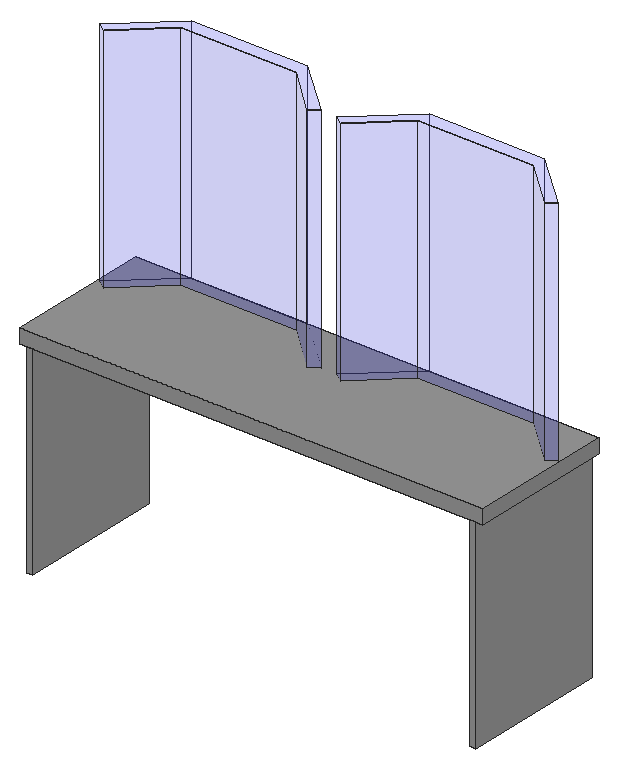
Revit family "АВЛН_Стол", category Мебель, Revit 2019
Family settings
  Номер OmniClass = 23.40.20.00
  Заголовок OmniClass = General Furniture and Specialties
  На основе рабочей плоскости = Нет
  Всегда вертикально = Да
  При загрузке вырезать с полостями = Нет
  Общий = Нет
  Точка расчета площади = Нет
Parameters (values of type "Стол гримерный")
  Стол гримерный = yes
  Стол 6 местный = no
  Стол 4хместный = no
  Описание = "Стол гримерный, 1600х500х1550мм (стол 750мм)\r\nс освещением: 220В; 60Втх2х2шт."
  Type Comments = ""
  Keynote = ""
  Изготовитель = "\"АртМебель\"\r\nг.Москва"
  Группа модели = "Артистрические"
  ADSK_Размер_Ширина = 500 mm
  ADSK_Размер_Длина = 1600 mm
  ADSK_Размер_Высота = 1550 mm
  ADSK_Обозначение = "01/02"
  ADSK_Масса = 0
  ADSK_Код изделия = ""
  ADSK_Единица измерения = "шт"  # constant formula
Types (5, lengths in mm): name | Стол гримерный | Стол 6 местный | Стол 4хместный | Описание | Изготовитель | Группа модели | ADSK_Размер_Ширина | ADSK_Размер_Длина | ADSK_Размер_Высота | ADSK_Обозначение
  (no name) | yes | no | no | "Стол гримерный, 1600х500х1550мм (стол 750мм)\r\nс освещением: 220В; 60Втх2х2шт." | "\"АртМебель\"\r\nг.Москва" | "Артистрические" | 500 | 1600 | 1550 | "01/02"
  Стол гримерный | yes | no | no | "Стол гримерный, 1600х500х1550мм (стол 750мм)\r\nс освещением: 220В; 60Втх2х2шт." | "\"АртМебель\"\r\nг.Москва" | "Артистрические" | 500 | 1600 | 1550 | "01/02"
  Стол обеднный 6-местный | no | yes | no | "Стол обеденный 6-местный с кронштейнами + 6\r\nстульев\r\nгаб. 1500х600х730мм" | "Торговая сеть" | "Оборудование Столовой" | 600 | 1500 | 730 | ""
  Стол обеднный 4-местный | no | no | yes | "Стол обеденный 4-местный с кронштейнами + 4\r\nстула\r\nгаб. 1200х600х730мм" | "Торговая сеть" | "Оборудование Столовой" | 600 | 1200 | 730 | ""
  Стол обеденный для ММГН | no | no | no | "Стол обеденный для ММГН 1800х900х700 мм" | "Россия" | "Оборудование Столовой" | 900 | 1800 | 700 | ""
Reference planes
  plane 1 "По центру (Вперед/Назад)": y = 0
  plane 2: z = 0
  plane 3 "По центру (Влево/Вправо)": x = 0
  plane 4: z = 1550
  plane 5: y = 250
  plane 6: x = 800
  plane 7: x = -800
  plane 8: y = -250
  plane 9: y = -550
  plane 10: y = 550
Forms (mm)
  Extrusion 1, solid, material "Деревянная обшивка, ДСП"
    sketch origin (0, -518.993, 735) x (-1, 0, 0) y (0, -1, 0)
      loop
        line (-800, -768.993) -> (800, -768.993) -> (800, -268.993) -> (-800, -268.993) -> (-800, -768.993)
    from -35 to 15
  Extrusion 2, solid, material "Деревянная обшивка, ДСП"
    sketch origin (0, -518.993, 592.976) x (-1, 0, 0) y (0, -1, 0)
      loop
        line (775.228, -768.993) -> (775.228, -268.993) -> (755.228, -268.993) -> (755.228, -768.993) -> (775.228, -768.993)
      loop
        line (-775.228, -768.993) -> (-755.228, -768.993) -> (-755.228, -268.993) -> (-775.228, -268.993) -> (-775.228, -768.993)
    from -592.976 to 107.024
  Extrusion 3, solid, material "Стекло", visible <- "Стол гримерный"
    sketch origin (0, -518.993, 592.976) x (-1, 0, 0) y (0, -1, 0)
      loop
        line (788.85, -598.622) -> (755.228, -575.268) -> (604.66, -718.993) -> (204.66, -718.993) -> (53.928, -577.524) -> (20.47, -598.622) -> (204.66, -768.993) -> (604.66, -768.993) -> (788.85, -598.622)
      loop
        line (-31.15, -598.622) -> (-64.772, -575.268) -> (-215.34, -718.993) -> (-615.34, -718.993) -> (-766.072, -577.524) -> (-799.53, -598.622) -> (-615.34, -768.993) -> (-215.34, -768.993) -> (-31.15, -598.622)
    from 157.024 to 957.024
Lines and regions (mm)
  symbolic lines, visible <- "Стол гримерный"
    curve 1: line (-514.041, 180.899, 592.976) -> (-514.041, 250, 592.976)
    curve 2: line (-495.887, 180.899, 592.976) -> (-495.887, 250, 592.976)
    curve 3: arc (-530.716, 163.076, 592.976) -> (-502.737, 183.446, 592.976) -> (-474.758, 163.076, 592.976) r 29.4
    curve 4: line (-474.758, 163.076, 592.976) -> (-459.341, 102.918, 592.976)
    curve 5: line (-459.341, 102.918, 592.976) -> (-541.351, 102.918, 592.976)
    curve 6: line (-541.351, 102.918, 592.976) -> (-530.716, 163.076, 592.976)
    curve 7: line (-286.459, 180.899, 592.976) -> (-286.459, 250, 592.976)
    curve 8: line (-268.305, 180.899, 592.976) -> (-268.305, 250, 592.976)
    curve 9: arc (-303.134, 163.076, 592.976) -> (-275.155, 183.446, 592.976) -> (-247.177, 163.076, 592.976) r 29.4
    curve 10: line (-247.177, 163.076, 592.976) -> (-231.759, 102.918, 592.976)
    curve 11: line (-231.759, 102.918, 592.976) -> (-313.77, 102.918, 592.976)
    curve 12: line (-313.77, 102.918, 592.976) -> (-303.134, 163.076, 592.976)
    curve 13: line (287.984, 180.899, 592.976) -> (287.984, 250, 592.976)
    curve 14: line (306.138, 180.899, 592.976) -> (306.138, 250, 592.976)
    curve 15: arc (271.309, 163.076, 592.976) -> (299.288, 183.446, 592.976) -> (327.267, 163.076, 592.976) r 29.4
    curve 16: line (327.267, 163.076, 592.976) -> (342.684, 102.918, 592.976)
    curve 17: line (342.684, 102.918, 592.976) -> (260.673, 102.918, 592.976)
    curve 18: line (260.673, 102.918, 592.976) -> (271.309, 163.076, 592.976)
    curve 19: line (512.984, 180.899, 592.976) -> (512.984, 250, 592.976)
    curve 20: line (531.138, 180.899, 592.976) -> (531.138, 250, 592.976)
    curve 21: arc (496.309, 163.076, 592.976) -> (524.288, 183.446, 592.976) -> (552.267, 163.076, 592.976) r 29.4
    curve 22: line (552.267, 163.076, 592.976) -> (567.684, 102.918, 592.976)
    curve 23: line (567.684, 102.918, 592.976) -> (485.673, 102.918, 592.976)
    curve 24: line (485.673, 102.918, 592.976) -> (496.309, 163.076, 592.976)
Dimensions and locks
  plane 2 to plane 4 = 1550 mm
  equal spacing: plane 8, plane 1 "По центру (Вперед/Назад)", plane 5
  equal spacing: plane 7, plane 3 "По центру (Влево/Вправо)", plane 6
  "ADSK_Размер_Длина": plane 7 to plane 6
  "ADSK_Размер_Ширина": plane 5 to plane 8
  "ADSK_Размер_Высота": plane 2 to plane 4
  level to Extrusion 1 to Extrusion 1 = 700 mm locked, 50 mm locked
  plane 7 to Extrusion 2 sketch curve to Extrusion 2 sketch curve = 24.772 mm locked, 20 mm locked
  plane 6 to Extrusion 2 sketch curve to Extrusion 2 sketch curve = 24.772 mm locked, 20 mm locked
  plane 8 to plane 9 = 300 mm
  nested 3 to nested 2 to nested 1 = 450 mm, 450 mm
  locked: plane 10 to plane 5 at 300
  equal spacing: nested 8, plane 3 "По центру (Влево/Вправо)", nested 7, locked at 300 each
  nested 10 to plane 3 "По центру (Влево/Вправо)" to nested 9 = 300 mm locked, 300 mm
  aligned and locked: level to plane 2
  aligned and locked: Extrusion 1 sketch curve to plane 5
  aligned and locked: Extrusion 1 sketch curve to plane 6
  aligned and locked: Extrusion 1 sketch curve to plane 7
  aligned and locked: Extrusion 1 sketch curve to plane 8
  aligned and locked: Extrusion 2 sketch curve to Extrusion 1  (x2)
  aligned and locked: plane 8 to Extrusion 2 sketch curve
  aligned and locked: Extrusion 2 sketch curve to plane 5
  aligned and locked: Extrusion 2 to Extrusion 1
  aligned and locked: Extrusion 2 to level
  aligned and locked: Extrusion 3 to plane 4
  aligned and locked: Extrusion 3 to Extrusion 1
  aligned and locked: nested 1 to plane 9
  aligned and locked: nested 2 to plane 9
  aligned and locked: nested 3 to plane 9
  aligned and locked: nested 2 to plane 3 "По центру (Влево/Вправо)"
  aligned and locked: plane 10 to nested 4  (x2)
  aligned and locked: plane 10 to nested 5  (x2)
  aligned and locked: plane 10 to nested 6  (x2)
  aligned and locked: plane 3 "По центру (Влево/Вправо)" to nested 5
  aligned and locked: nested 7 to plane 9
  aligned and locked: nested 8 to plane 9
  aligned and locked: plane 10 to nested 9
  aligned and locked: plane 10 to nested 10
Automatic sketch dimensions
  plane 5 to Extrusion 3 sketch curve = 0 mm
  Extrusion 3 sketch curve to plane 5 = 0 mm
  Extrusion 3 sketch curve to plane 6 = 0.47 mm
  Extrusion 3 sketch curve to plane 6 = 33.928 mm
  Extrusion 3 sketch curve to plane 6 = 184.66 mm
  Extrusion 3 sketch curve to Extrusion 3 sketch curve = 0 mm  (x5)
  Extrusion 3 sketch curve to plane 5 = 50 mm  (x2)
  plane 3 "По центру (Влево/Вправо)" to Extrusion 3 sketch curve = 215.34 mm
  plane 3 "По центру (Влево/Вправо)" to Extrusion 3 sketch curve = 64.772 mm
  plane 3 "По центру (Влево/Вправо)" to Extrusion 3 sketch curve = 31.15 mm
  Extrusion 3 sketch curve to plane 3 "По центру (Влево/Вправо)" = 20.47 mm
  Extrusion 3 sketch curve to Extrusion 3 sketch curve = 33.458 mm
  Extrusion 3 sketch curve to plane 3 "По центру (Влево/Вправо)" = 204.66 mm
  plane 7 to Extrusion 3 sketch curve = 195.34 mm
  plane 7 to Extrusion 3 sketch curve = 44.772 mm
  plane 7 to Extrusion 3 sketch curve = 11.15 mm
  Extrusion 3 sketch curve to plane 1 "По центру (Вперед/Назад)" = 79.629 mm  (x3)
  Extrusion 3 sketch curve to Extrusion 3 sketch curve = 21.099 mm  (x2)
  Extrusion 3 sketch curve to Extrusion 3 sketch curve = 23.355 mm  (x2)
  plane 5 to curve 20 = 0 mm
  plane 5 to curve 19 = 0 mm
  plane 5 to curve 14 = 0 mm
  curve 13 to plane 5 = 0 mm
  curve 8 to plane 5 = 0 mm
  curve 7 to plane 5 = 0 mm
  curve 2 to plane 5 = 0 mm
  curve 1 to plane 5 = 0 mm
  curve 22 to plane 1 "По центру (Вперед/Назад)" = 102.918 mm
  curve 22 to plane 6 = 232.316 mm
  curve 22 to plane 5 = 86.924 mm
  curve 22 to curve 22 = 15.417 mm
  curve 21 to curve 21 = 27.979 mm
  curve 24 to plane 5 = 86.924 mm
  curve 21 to curve 24 = 10.636 mm
  curve 16 to plane 1 "По центру (Вперед/Назад)" = 102.918 mm
  curve 23 to curve 16 = 142.989 mm
  curve 16 to plane 5 = 86.924 mm
  curve 16 to curve 16 = 15.417 mm
  curve 15 to curve 15 = 27.979 mm
  curve 18 to plane 5 = 86.924 mm
  curve 18 to curve 17 = 10.636 mm
  curve 10 to plane 1 "По центру (Вперед/Назад)" = 102.918 mm
  curve 10 to plane 3 "По центру (Влево/Вправо)" = 231.759 mm
  curve 10 to plane 5 = 86.924 mm
  curve 10 to curve 10 = 15.417 mm
  curve 10 to curve 9 = 27.979 mm
  curve 12 to plane 5 = 86.924 mm
  curve 9 to curve 12 = 10.636 mm
  curve 11 to curve 5 = 145.571 mm
  curve 4 to plane 5 = 86.924 mm
  curve 4 to curve 4 = 15.417 mm
  curve 4 to curve 3 = 27.979 mm
  curve 6 to plane 5 = 86.924 mm
  curve 6 to plane 1 "По центру (Вперед/Назад)" = 102.918 mm
  curve 6 to curve 6 = 10.636 mm
  curve 15 to curve 15 = 9.03 mm
  curve 12 to curve 9 = 9.03 mm
  curve 24 to curve 21 = 9.03 mm
  curve 6 to curve 3 = 9.03 mm
  curve 21 to curve 20 = 21.129 mm
  curve 20 to curve 19 = 18.154 mm
  curve 16 to curve 14 = 21.129 mm
  curve 14 to curve 13 = 18.154 mm
  curve 9 to curve 8 = 21.129 mm
  curve 8 to curve 7 = 18.154 mm
  curve 3 to curve 2 = 21.129 mm
  curve 2 to curve 1 = 18.154 mm
  curve 14 to curve 16 = 17.823 mm
  curve 2 to curve 3 = 17.823 mm
  curve 13 to curve 14 = 0 mm
  curve 20 to curve 21 = 17.823 mm
  curve 19 to curve 20 = 0 mm
  curve 7 to curve 12 = 17.823 mm
  curve 1 to curve 2 = 0 mm
  curve 7 to curve 8 = 0 mm
Nested families
  nested 1: "АВЛН_Стул" at (450, -385, 0) x (0, -1, 0) z (0, 0, 1), visible <- "Стол 6 местный", type "Стул Гр. 3 – 330х290х340мм"
  nested 2: "АВЛН_Стул" at (0, -385, 0) x (0, -1, 0) z (0, 0, 1), visible <- "Стол 6 местный", type "Стул Гр. 3 – 330х290х340мм"
  nested 3: "АВЛН_Стул" at (-450, -385, 0) x (0, -1, 0) z (0, 0, 1), visible <- "Стол 6 местный", type "Стул Гр. 3 – 330х290х340мм"
  nested 4: "АВЛН_Стул" at (450, 385, 0) x (0, 1, 0) z (0, 0, 1), visible <- "Стол 6 местный", type "Стул Гр. 3 – 330х290х340мм"
  nested 5: "АВЛН_Стул" at (0, 385, 0) x (0, 1, 0) z (0, 0, 1), visible <- "Стол 6 местный", type "Стул Гр. 3 – 330х290х340мм"
  nested 6: "АВЛН_Стул" at (-450, 385, 0) x (0, 1, 0) z (0, 0, 1), visible <- "Стол 6 местный", type "Стул Гр. 3 – 330х290х340мм"
  nested 7: "АВЛН_Стул" at (300, -385, 0) x (0, -1, 0) z (0, 0, 1), visible <- "Стол 4хместный", type "Стул Гр. 3 – 330х290х340мм"
  nested 8: "АВЛН_Стул" at (-300, -385, 0) x (0, -1, 0) z (0, 0, 1), visible <- "Стол 4хместный", type "Стул Гр. 3 – 330х290х340мм"
  nested 9: "АВЛН_Стул" at (300, 385, 0) x (0, 1, 0) z (0, 0, 1), visible <- "Стол 4хместный", type "Стул Гр. 3 – 330х290х340мм"
  nested 10: "АВЛН_Стул" at (-300, 385, 0) x (0, 1, 0) z (0, 0, 1), visible <- "Стол 4хместный", type "Стул Гр. 3 – 330х290х340мм"
Definition of nested family "АВЛН_Стул"
  Parameters (values of type "Стул Гр. 2 – 290х270х300мм")
    МГН = no
    М_Сиденье = none
    Description = "Стул ученический с регулируемой (изменяемой)\r\nвысотой\r\nматериал: фанера гнутоклеенная, лакированная\r\nРазмеры сидения (ГхШхВ):\r\nГр. 2 – 290х270х300мм"
    М_Опора = none
    Type Comments = ""
    Keynote = ""
    Manufacturer = "УП «СВ КЛАСС»"
    Model = "Оборудование основных помещений школы"  # constant formula
    ADSK_Размер_Ширина = 270 mm
    ADSK_Размер_Длина = 290 mm
    ADSK_Размер_Высота = 300 mm
    ADSK_Обозначение = "ГОСТ 11016-93"
    ADSK_Масса = 3.1
    ADSK_Код изделия = ""
    ADSK_Единица измерения = "шт"  # constant formula
  Types (6, lengths in mm): name | МГН | Description | Manufacturer | ADSK_Размер_Ширина | ADSK_Размер_Длина | ADSK_Размер_Высота | ADSK_Обозначение | ADSK_Масса
    Стул Гр. 2 – 290х270х300мм | no | "Стул ученический с регулируемой (изменяемой)\r\nвысотой\r\nматериал: фанера гнутоклеенная, лакированная\r\nРазмеры сидения (ГхШхВ):\r\nГр. 2 – 290х270х300мм" | "УП «СВ КЛАСС»" | 270 | 290 | 300 | "ГОСТ 11016-93" | 3.1
    Стул Гр. 3 – 330х290х340мм | no | "Стул ученический с регулируемой (изменяемой)\r\nвысотой\r\nматериал: фанера гнутоклеенная, лакированная\r\nРазмеры сидения (ГхШхВ): Гр. 3 – 330х290х340мм" | "УП «СВ КЛАСС»" | 290 | 330 | 340 | "ГОСТ 11016-93" | 3.1
    Стул Гр. 4 – 330х320х380мм | no | "Стул ученический с регулируемой (изменяемой)\r\nвысотой\r\nматериал: фанера гнутоклеенная, лакированная\r\nРазмеры сидения (ГхШхВ):Гр. 4 – 330х320х380мм" | "УП «СВ КЛАСС»" | 320 | 330 | 380 | "ГОСТ 11016-93" | 3.7
    Стул Гр. 5 – 380х310х420мм | no | "Стул ученический с регулируемой (изменяемой)\r\nвысотой\r\nматериал: фанера гнутоклеенная, лакированная\r\nРазмеры сидения (ГхШхВ):Гр. 5 – 380х310х420мм" | "УП «СВ КЛАСС»" | 310 | 380 | 420 | "ГОСТ 11016-93" | 4.6
    Стул Гр. 6 – 400х360х460мм | no | "Стул ученический с регулируемой (изменяемой)\r\nвысотой\r\nматериал: фанера гнутоклеенная, лакированная\r\nРазмеры сидения (ГхШхВ): Гр. 6 – 400х360х460мм" | "УП «СВ КЛАСС»" | 360 | 400 | 460 | "ГОСТ 11016-93" | 4.6
    Стул для МГН 482х500х400 | yes | "Стул для МГН с высокими спинками сидений с\r\nбортиками-ограждениями с боков и сзади\r\nГабариты, ВxШxГ, мм: 380-420 x 450-610 x 482" | "«ДОСТУПНАЯ СТРАНА»" | 500 | 482 | 400 | "" | 7.8
  Reference planes
    plane 1 "По центру (Вперед/Назад)": y = 0
    plane 2: z = 0
    plane 3 "По центру (Влево/Вправо)": x = 0
    plane 4 "сиденье": z = 300
    plane 5: y = 135
    plane 6: y = -135
    plane 7: x = -145
    plane 8: x = 145
    plane 9 "верх": z = 600
    plane 10 "По центру Л/Р": z = 450
  Forms (mm)
    Extrusion 1, solid, material <- "М_Сиденье"
      sketch origin (0, -518.993, 300) x (-1, 0, 0) y (0, 1, 0)
        loop
          line (145, 653.993) -> (-145, 653.993) -> (-145, 383.993) -> (145, 383.993) -> (145, 653.993)
      from 15 to 0
    Sweep 2, solid, material <- "М_Опора"
      path origin (-244.357, -135, 1200) x (-1, 0, 0) y (0, 0, 1)
        loop
          line (-244.357, -940) -> (-244.357, -1175)
      profile origin (0, -135, 142.5) x (0, 1, 0) y (-1, 0, 0)
        loop
          line (20, -12.5) -> (45, -12.5) -> (45, 12.5) -> (20, 12.5) -> (20, -12.5)
    Sweep 3, solid, material <- "М_Опора"
      path origin (-244.357, -135, 1200) x (-1, 0, 0) y (0, 0, 1)
        loop
          line (-389.357, -1200) -> (-99.357, -1200)
      profile origin (0, -135, 0) x (0, 0, 1) y (0, 1, 0)
        loop
          line (25, 20) -> (25, 45) -> (0, 45) -> (0, 20) -> (25, 20)
    Extrusion 4, solid
      sketch origin (4267.2, -338.917, 600) x (0, -1, 0) y (1, 0, 0)
        loop
          line (-473.917, -4162.2) -> (-203.917, -4162.2) -> (-203.917, -4122.2) -> (-473.917, -4122.2) -> (-473.917, -4162.2)
      from -150 to 0
    Sweep 5, solid, material <- "М_Опора"
      path origin (-244.357, -135, 1580) x (-1, 0, 0) y (0, 0, 1)
        loop
          line (-389.357, -980) -> (-389.357, -1295) -> (-119.357, -1295)
      profile origin (10, -135, 285) x (0, 0, 1) y (0, 1, 0)
        loop
          line (-25, 20) -> (0, 20) -> (0, 45) -> (-25, 45) -> (-25, 20)
    Sweep 6, solid, material <- "М_Опора"
      path origin (-244.357, 135, 1200) x (-1, 0, 0) y (0, 0, 1)
        loop
          line (-244.357, -940) -> (-244.357, -1175)
      profile origin (0, 135, 142.5) x (0, 1, 0) y (-1, 0, 0)
        loop
          line (-45, 12.5) -> (-45, -12.5) -> (-20, -12.5) -> (-20, 12.5) -> (-45, 12.5)
    Sweep 7, solid, material <- "М_Опора"
      path origin (-244.357, 135, 1200) x (-1, 0, 0) y (0, 0, 1)
        loop
          line (-389.357, -1200) -> (-99.357, -1200)
      profile origin (0, 135, 0) x (0, 0, 1) y (0, 1, 0)
        loop
          line (0, -45) -> (25, -45) -> (25, -20) -> (0, -20) -> (0, -45)
    Sweep 8, solid, material <- "М_Опора"
      path origin (-244.357, 135, 1200) x (-1, 0, 0) y (0, 0, 1)
        loop
          line (-389.357, -600) -> (-389.357, -915) -> (-119.357, -915)
      profile origin (10, 135, 285) x (0, 0, 1) y (0, 1, 0)
        loop
          line (0, -45) -> (0, -20) -> (-25, -20) -> (-25, -45) -> (0, -45)
    Extrusion 9, solid, visible <- "МГН"
      sketch origin (0, -518.993, 300) x (-1, 0, 0) y (0, 1, 0)
        loop
          line (145, 653.993) -> (-145, 653.993) -> (-145, 613.993) -> (145, 613.993) -> (145, 653.993)
        loop
          line (145, 423.993) -> (-145, 423.993) -> (-145, 383.993) -> (145, 383.993) -> (145, 423.993)
      from 0 to -150
  Cuts and joins
    joined: Sweep 2, Sweep 3, Sweep 5, Sweep 6, Sweep 7, Sweep 8
  Dimensions and locks
    plane 2 to plane 4 "сиденье" = 300 mm
    "ADSK_Размер_Ширина": plane 5 to plane 6
    "ADSK_Размер_Длина": plane 7 to plane 8
    "ADSK_Размер_Высота": level to plane 4 "сиденье"
    Extrusion 1 to plane 4 "сиденье" = 15 mm
    equal spacing: plane 7, plane 3 "По центру (Влево/Вправо)", plane 8
    equal spacing: plane 5, plane 1 "По центру (Вперед/Назад)", plane 6
    locked: Sweep 3 sketch curve to Sweep 3 sketch curve at 25  (x2)
    locked: Sweep 2 sketch curve to Sweep 2 sketch curve at 25  (x2)
    Sweep 3 to plane 6 = 45 mm
    locked: Sweep 3 sketch curve to profile plane at 20
    locked: Sweep 2 sketch curve to profile plane at 20
    equal spacing: Sweep 2 sketch curve, Sweep 2 sketch curve, profile plane, Sweep 2 sketch curve
    Extrusion 4 sketch curve to plane 8 = 40 mm
    locked: plane 4 "сиденье" to plane 9 "верх" at 300
    plane 1 "По центру (Вперед/Назад)" to Extrusion 4 = 135 mm
    locked: Sweep 5 sketch curve to Sweep 5 sketch curve at 25  (x2)
    locked: Sweep 5 sketch curve to profile plane at 20
    locked: Sweep 5 sketch curve to plane 7 at 20
    locked: Sweep 7 sketch curve to Sweep 7 sketch curve at 25  (x2)
    locked: Sweep 6 sketch curve to Sweep 6 sketch curve at 25  (x2)
    locked: profile plane to Sweep 7 sketch curve at 20
    locked: profile plane to Sweep 6 sketch curve at 20
    equal spacing: Sweep 6 sketch curve, profile plane, Sweep 6 sketch curve, Sweep 6 sketch curve
    locked: Sweep 8 sketch curve to Sweep 8 sketch curve at 25  (x2)
    locked: profile plane to Sweep 8 sketch curve at 20
    plane 5 to Extrusion 9 sketch curve = 40 mm
    plane 6 to Extrusion 9 sketch curve = 40 mm
    locked: plane 9 "верх" to plane 10 "По центру Л/Р" at 150
    aligned and locked: Extrusion 1 to plane 4 "сиденье"
    aligned and locked: plane 8 to Extrusion 1
    aligned and locked: Extrusion 1 to plane 7
    aligned and locked: plane 5 to Extrusion 1
    aligned and locked: Extrusion 1 to plane 6
    aligned and locked: profile plane to Sweep 3 sketch curve
    aligned and locked: level to plane 2
    aligned and locked: Sweep 3 sketch curve to plane 2
    aligned and locked: plane 3 "По центру (Влево/Вправо)" to Sweep 2 sketch curve
    aligned and locked: Sweep 3 to Sweep 2 sketch curve
    aligned and locked: Extrusion 4 sketch curve to plane 5
    aligned and locked: plane 6 to Extrusion 4 sketch curve
    aligned and locked: Extrusion 4 sketch curve to plane 8
    aligned and locked: plane 9 "верх" to Extrusion 4
    aligned and locked: profile plane to Sweep 5 sketch curve
    aligned and locked: plane 9 "верх" to Sweep 5 sketch curve
    aligned and locked: Sweep 5 to Sweep 2 sketch curve
    aligned and locked: profile plane to Sweep 7 sketch curve
    aligned and locked: Sweep 8 sketch curve to profile plane
    aligned and locked: Sweep 7 to Sweep 6 sketch curve
    aligned and locked: Sweep 8 to Sweep 6 sketch curve
    aligned and locked: plane 7 to Extrusion 9 sketch curve  (x2)
    aligned and locked: plane 6 to Extrusion 9 sketch curve
    aligned and locked: Extrusion 9 sketch curve to plane 5
    aligned and locked: Extrusion 4 to plane 10 "По центру Л/Р"
    aligned and locked: plane 8 to Extrusion 9  (x2)
  Automatic sketch dimensions
    Extrusion 1 sketch curve to plane 5 = 0 mm
    Extrusion 1 sketch curve to plane 8 = 0 mm
    Extrusion 1 sketch curve to plane 6 = 0 mm
    Extrusion 1 sketch curve to plane 7 = 0 mm
    profile plane to Sweep 2 sketch curve = 12.5 mm
    Sweep 3 sketch curve to plane 8 = 0 mm
    Sweep 3 sketch curve to plane 7 = 0 mm
    Sweep 5 sketch curve to plane 8 = 0 mm
    plane 4 "сиденье" to Sweep 5 sketch curve = 15 mm
    profile plane to Sweep 6 sketch curve = 12.5 mm
    Sweep 7 sketch curve to level = 0 mm
    Sweep 7 sketch curve to plane 8 = 0 mm
    Sweep 7 sketch curve to plane 7 = 0 mm
    Sweep 6 sketch curve to plane 3 "По центру (Влево/Вправо)" = 0 mm
    Sweep 8 sketch curve to plane 8 = 0 mm
    Sweep 8 sketch curve to plane 9 "верх" = 0 mm
    plane 4 "сиденье" to Sweep 8 sketch curve = 15 mm
    plane 7 to Sweep 8 sketch curve = 20 mm
    Extrusion 9 sketch curve to plane 8 = 0 mm  (x2)
